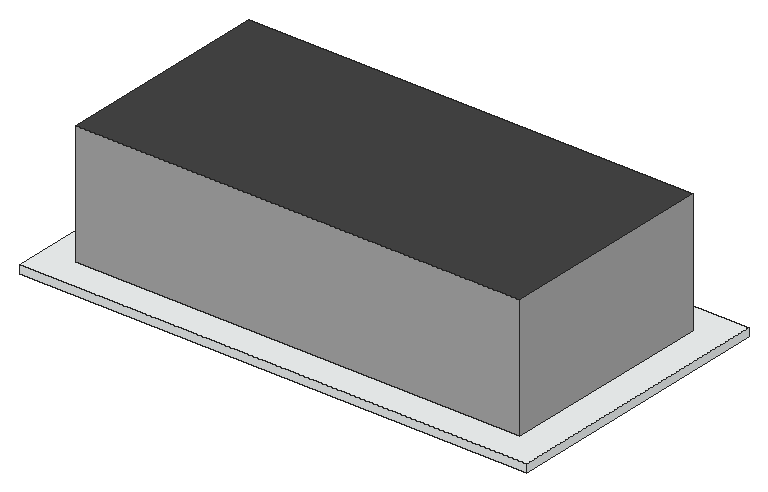
Revit family "1HVAC_Ductwork_Airzone_Supply-Grille_RTHV", category Air Terminals, Revit 2016
Family settings
  Part Type = Normal
  Round Connector Dimension = Use Diameter
  OmniClass Number = 23.75.70.21.27.11
  OmniClass Title = Diffusers, Registers, and Grilles
  Work Plane-Based = No
  Always vertical = Yes
  Cut with Voids When Loaded = No
  Shared = No
  Room Calculation Point = Yes
Parameters (values of type "INVALID TYPE - Use Load Family and Type Catalog instead")
  c8 = -0.4791  # constant formula
  c7 = 0.02882  # constant formula
  c6 = 4.8467  # constant formula
  c5 = 53.01  # constant formula
  c4 = -62.63  # constant formula
  c3 = -98.8  # constant formula
  c2 = -2.051  # constant formula
  c1 = 0.000525  # constant formula
  Velocity [instance] = (Q / (36 * Ak)) * 1.0 m/s  # 1.6469 m/s
  URL = "www.airzone.es"
  Type Image Comments = "Image available in product documentation download"  # constant formula
  Type Comments = ""
  Throw Distance [instance] = round((c7 * (Ak ^ c8) * Q) * 1000) * 1 mm  # 2771 mm
  Sound Level in dBA [instance] = round((c3 + (c4 * log(Ak))) + ((c5 + (c6 * log(Ak))) * log(Q)))  # -4
  Revit Model Version = "1.0"  # constant formula
  Q [instance] = Flow / 1 m³/h  # 150
  Product Documentation Download URL = "http://doc.airzone.es/BIM/AirQ/Airzone_RTHV.zip"
  Product Comments = "Refer to technical documentation for further details"  # constant formula
  Product Code = "INVALID – Type not loaded via type catalog"
  Pressure Drop [instance] = ((c1 * (Ak ^ c2)) * (Q ^ 2)) * 1.0 Pa  # 1.76012 Pa
  Model = Product Code  # "INVALID – Type not loaded via type catalog"
  Min Flow = 150 m³/h
  Max Flow = 1500 m³/h
  Manufacturer = "AIRZONE"  # constant formula
  Main Material = Metal - AIRZONE - Extruded Aluminium - White (RAL 9010)
  Long Description = "Extruded aluminum grille supply. 26-mm standard frame. Horizontal and vertical moving slats for an individual regulation as they adapt the air range and the air stream to the needs of the zone. Integrated flow regulation damper, manually operable by screw."  # constant formula
  Grille Material = Metal - AIRZONE - Grille 20 mm - White (RAL 9010)
  Flow [instance] = 150 m³/h
  Fixing = "Clip (K), mounting frame required. Screw (T), mounting frame required"  # constant formula
  Finish = "White (RAL 9010)"
  Effective Area = Ak * 100.00 cm²  # 253.00 cm²
  Duct Width = 300 mm
  Duct Height = 150 mm
  Disclaimer = "All information provided in this model is reviewed before being published. However, Airzone cannot guarantee this model is error-free, therefore users are strongly encouraged to check for technical documentation and updates"  # constant formula
  Description = "Supply grille of horizontal-vertical double deflection with air flow regulation incorporated"  # constant formula
  Compatible Accesories = "Mounting frame. Plenum for grille (PREJ)"  # constant formula
  Ak = 2.53
  Accessories Material = Metal - AIRZONE - Extruded Aluminium - Anodized (Matt Silver Color)
Reference planes
  plane 1 "Center (Front/Back)": y = 0
  plane 2: z = 0
  plane 3 "Center (Left/Right)": x = 0
  plane 4 "Left": x = -150
  plane 5 "Right": x = 150
  plane 6 "Front": y = -75
  plane 7 "Back": y = 75
Forms (mm)
  Extrusion 1, solid, material "Metal - AIRZONE - Extruded Aluminium - White (RAL 9010)" <- "Main Material", detail levels fine
    sketch origin (0, 0, 0) x (1, 0, 0) y (0, 1, 0)
      loop
        line (-166, 91) -> (-166, -91) -> (166, -91) -> (166, 91) -> (-166, 91)
    from 0 to -5.5
  Extrusion 2, solid, material "Metal - AIRZONE - Extruded Aluminium - Anodized (Matt Silver Color)" <- "Accessories Material"
    sketch origin (0, 0, 0) x (1, 0, 0) y (0, 1, 0)
      loop
        line (-145.7, 70.7) -> (-145.7, -70.7) -> (145.7, -70.7) -> (145.7, 70.7) -> (-145.7, 70.7)
    from 0 to 80.1
  Extrusion 3, solid, material "Metal - AIRZONE - Extruded Aluminium - White (RAL 9010)" <- "Main Material", detail levels coarse+medium
    sketch origin (0, 0, 0) x (1, 0, 0) y (0, 1, 0)
      loop
        line (-166, 91) -> (-166, -91) -> (166, -91) -> (166, 91) -> (-166, 91)
    from 0 to -5.5
Lines and regions (mm)
  Split face 1
    outline origin (0, 0, -5.5) x (1, 0, 0) y (0, 1, 0)
      loop
        line (-140, -65) -> (140, -65) -> (140, 65) -> (-140, 65) -> (-140, -65)
  model lines, detail levels medium
    curve 1: line (-140, 65, -5.5) -> (140, 65, -5.5)
    curve 2: line (-140, -65, -5.5) -> (-140, 65, -5.5)
    curve 3: line (140, -65, -5.5) -> (-140, -65, -5.5)
    curve 4: line (140, 65, -5.5) -> (140, -65, -5.5)
  symbolic lines
    curve 5: line (-150, 75, 0) -> (150, 75, 0)
    curve 6: line (-150, -75, 0) -> (-150, 75, 0)
    curve 7: line (150, -75, 0) -> (-150, -75, 0)
    curve 8: line (150, 75, 0) -> (150, -75, 0)
    curve 9: line (-150, -75, 0) -> (150, 75, 0)
    curve 10: line (150, -75, 0) -> (-150, 75, 0)
  model lines, detail levels coarse
    curve 11: line (-166, -91, -5.5) -> (166, 91, -5.5)
    curve 12: line (166, 91, -5.5) -> (-166, 91, -5.5)
    curve 13: line (-166, 91, -5.5) -> (166, -91, -5.5)
Dimensions and locks
  equal spacing: plane 4 "Left", plane 3 "Center (Left/Right)", plane 5 "Right"
  equal spacing: plane 7 "Back", plane 1 "Center (Front/Back)", plane 6 "Front"
  "Duct Width": plane 4 "Left" to plane 5 "Right"
  "Duct Height": plane 7 "Back" to plane 6 "Front"
  locked: Extrusion 1 sketch curve to plane 4 "Left" at 16
  locked: plane 5 "Right" to Extrusion 1 sketch curve at 16
  locked: Extrusion 1 sketch curve to plane 7 "Back" at 16
  locked: plane 6 "Front" to Extrusion 1 sketch curve at 16
  locked: plane 4 "Left" to Split face 1 sketch curve at 10
  locked: Split face 1 sketch curve to plane 5 "Right" at 10
  locked: plane 7 "Back" to Split face 1 sketch curve at 10
  locked: Split face 1 sketch curve to plane 6 "Front" at 10
  locked: plane 4 "Left" to Extrusion 2 sketch curve at 4.3
  locked: Extrusion 2 sketch curve to plane 5 "Right" at 4.3
  locked: plane 7 "Back" to Extrusion 2 sketch curve at 4.3
  locked: Extrusion 2 sketch curve to plane 6 "Front" at 4.3
  locked: Extrusion 3 sketch curve to plane 4 "Left" at 16
  locked: plane 5 "Right" to Extrusion 3 sketch curve at 16
  locked: Extrusion 3 sketch curve to plane 7 "Back" at 16
  locked: plane 6 "Front" to Extrusion 3 sketch curve at 16
  locked: curve 4 to plane 5 "Right" at 10
  locked: plane 4 "Left" to curve 2 at 10
  locked: plane 7 "Back" to curve 1 at 10
  locked: curve 3 to plane 6 "Front" at 10
  aligned and locked: level to plane 2
  aligned and locked: plane 4 "Left" to curve 6
  aligned and locked: curve 5 to plane 7 "Back"
  aligned and locked: curve 8 to plane 5 "Right"
  aligned and locked: plane 6 "Front" to curve 7
Automatic sketch dimensions
  curve 13 to Extrusion 3 = 0 mm  (x3)
  curve 11 to Extrusion 3 = 0 mm  (x3)
  curve 12 to Extrusion 3 = 0 mm
Connectors
  hvac at (0, 0, 80.1), driven by "Pressure Drop", driven by "Flow", driven by "Duct Height", driven by "Duct Width"
    settings: on Extrusion 2, index 1, duct flow 150 m³/h, flow factor 0, pres drop 1.76012 Pa, loss coef 0, conn angle 0.00°, conn width 300 mm, conn height 150 mm, conn diameter 609.6 mm, duct sys type 1, conn prof type 1, flow config 1, flow direction 1, loss method 4, conn ref index -1, conn util no, is conn primary yes, conn desc "Supply Air"
